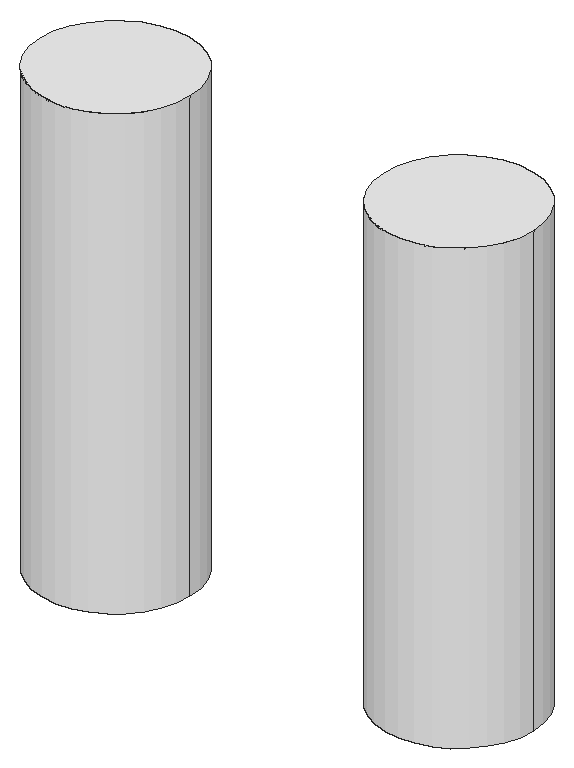
Revit family "51422293", category Plumbing Fixtures, Revit 2020
Family settings
  Round Connector Dimension = Use Diameter
  Part Type = Normal
  OmniClass Number = 23.45.55.00
  OmniClass Title = Sanitary Faucets, Wastes
  Work Plane-Based = No
  Always vertical = Yes
  Cut with Voids When Loaded = No
  Shared = No
  Room Calculation Point = No
Parameters (values of type "51422293 Washbasin faucet")
  Working Pressure = "50 - 1000 kPa"
  WarrantyStartDate [instance] = "n/a"
  WarrantyGuarantorParts = "n/a"
  WarrantyGuarantorLabor = "n/a"
  WarrantyDurationUnit = "Year"
  WarrantyDurationParts = "n/a"
  WarrantyDurationLabor = "n/a"
  WarrantyDescription = "http://warranty.hansa.com"
  Warranty Information URL = "http://warranty.hansa.com"
  VersionDate = "01/06/2023"
  Version = "1"
  ValvePattern = "n/a"
  ValveOperation = "n/a"
  ValveMechanism = "n/a"
  Uniclass2015Reference = "Pr_40_20_87_96"
  Uniclass2015Description = "Washbasin manual water supply sets"
  Uniclass2 = "Pr_40_30_96_96"
  URL UWL = "http://static.hansa.com/UWL/51422293"
  URL REACH = "http://static.hansa.com/doc/reach"
  URL KIWA = "http://static.hansa.com/Kiwa/51422293"
  URL EcoLabel Declaration = "http://static.hansa.com/doc/EcoLabel"
  URL EU Packaging Declaration = "http://static.hansa.com/doc/packaging"
  URL Declaration of SCIP = "http://static.hansa.com/doc/SCIP"
  URL Declaration of Conformity = "http://static.hansa.com/DoC/51422293"
  URL Declaration of Asbestos = "http://static.hansa.com/doc/asbestos"
  URL Declaration Of Performance (DOP) = "http://static.hansa.com/doc/DoP"
  URL DVGW = "http://static.hansa.com/DVGW/51422293"
  URL ABP = "http://static.hansa.com/ABP/51422293"
  URL = ""
  UNSPSC Class Number = "30181700 Faucets or taps"
  TestPressure = "n/a"
  Temperature Adjustments = "Limitation option for maximum temperature and flow-rate ;Adjustable hot water stop (included, retrofittable)"
  Temperature = "Temperature limiter;Temperature limiter (retrofittable)"
  Technical DataSheet URL = "http://www.hansa.com/datasheet/51422293/en"
  TagNumber [instance] = "n/a"
  SustainabilityPerformance = "n/a"
  Surface treatment = "Chrome"
  Spout Type = "Fixed spout"
  Spout Projection = "103 mm"
  Spare-Part Information URL = "http://static.hansa.com/sp/51422293"
  Size = "48.5x137x136 mm"
  Shape = "Sculptured"
  SerialNumber [instance] = "n/a"
  Sales Package dimensions (LxWxH) = "540 x 146 x 59"
  Revision = "n/a"
  ReplacementCost = "n/a"
  ProductInformation = "n/a"
  Product URL = "http://static.hansa.com/51422293"
  Product Image URL = "http://static.hansa.com/image/51422293"
  Product Family = "HANSAPOLO "
  Product Code = "51422293"
  OperatingMechanismMaterial = "n/a"
  NominalWidth = 48.5 mm
  NominalHeight = 137 mm
  NominalDepth = 137 mm
  Noise Class = "I (ISO3822)"
  Name_en = "51422293 Washbasin faucet"
  Name = "51422293 Washbasin faucet"
  NBSReference = "45-35-70/371"
  NBSDescription = "Water supply fittings for wash basins and troughs"
  Mounting Holes = "1 hole"
  ModelReference = "51422293"
  ModelNumber = "n/a"
  Model = "51422293 Washbasin faucet"
  Mobile Product Information URL = "http://mpi.hansa.com/51422293"
  Mechanical Parts = "ø 35 mm ceramic cartridge for flow and temperature control"
  Max. Hot Water Supply = 70 °C
  Material = "Brass"
  Market = "Austria;Belgium;Czech Republic;Germany;Spain;France;International;Italy;Netherlands;Slovakia"
  ManufacturerURL = "http://www.hansa.com"
  ManufacturerName = "HANSA"
  Manufacturer = "HANSA"
  Lever Handle = "Hot/Cold symbols;Single operating lever/handle"
  Interactive AR View URL = "https://static.hansa.com/AR/51422293"
  InstallationDate [instance] = "n/a"
  Installation and Maintenance Guide URL = "http://static.hansa.com/manual/51422293"
  Installation Type = "Deck mounted"
  InletConnectionSize = 10 mm
  IfcExportType = "FAUCET"  # constant formula
  IfcExportAs = "IfcValveType"  # constant formula
  Group = "Washbasin faucet"
  Grade = "n/a"
  FlowCoefficient = 0
  Flow Rate At 300kPa With Flow Controller = 0.1 L/s
  Flow Drawing URL = "http://static.hansa.com/flowchart/51422293"
  Finish = "Polished"
  Features = "Single-lever"
  FaucetMainMaterial = Brass
  FDV Document URL = "http://www.hansa.com/datasheet/51422293/en/fdv"
  ExpectedLife = "n/a"
  Excluded Items = "Without pop-up waste;Without draw-rod opening"
  ETIM Class Number = "EC011328 Washbasin mixing tap"
  EN Standard = "EN 817"
  EAN Number = "4057304002755"
  DurationUnit = "Year"
  Dimension Drawing URL = "http://static.hansa.com/dimdrw/51422293"
  Description = ""
  DefaultElevation [instance] = 900 mm
  Default Elevation = 0 mm
  Constituents = "n/a"
  Connection Size = "G3/8"
  Connection = "Flexible inlet pipes"
  Color = "Chrome"
  CodePerformance = "n/a"
  CloseOffRating = 0
  Category = "Washbasin"
  Catalog Drawing URL = "http://static.hansa.com/catdrw/51422293"
  Brand = "HANSA"
  BodyMaterial = "Brass"
  Barcode [instance] = "n/a"
  Backflow Prevention EN1717 = "AA"
  BIMObjectName = "51422293"
  Author = "BIMStone"
  AssetType = "Fixed"
  AssetIdentifier [instance] = "n/a"
  Approval KIWA = "K6116/08"
  Approval DVGW = "NW-6506BP0361"
  Approval ABP = "P-IX 29493/IA"
  Ambience photo = "http://static.hansa.com/ambience/51422293"
  Aerator = "PCA® - constant flow rate regardless of pressure variations"
  Advanced Features = "Inner body made of DZR brass;Rapid installation system"
  AccessibilityPerformance = "n/a"
  3D View = "https://static.hansa.com/AR/51422293"
  2D/3D/BIM Files URL = "http://static.hansa.com/bim/51422293"
Reference planes
  plane 1 "Center (Front/Back)": y = 0
  plane 2: z = 0
  plane 3 "Center (Left/Right)": x = 0
  plane 4: x = -24.25
  plane 5: z = 1037
  plane 6: z = 900
  plane 7: z = 870
  plane 8: y = -137
  plane 9: x = 24.25
Forms (mm)
  Extrusion 1, solid, material "Brass" <- "FaucetMainMaterial"
    sketch origin (0, 0, 0) x (1, 0, 0) y (0, 1, 0)
      loop
        circle (-11.5, -22.5) r 5
      loop
        circle (11.5, -22.5) r 5
    from 870 to 900
  Extrusion 2, solid, material "Brass" <- "FaucetMainMaterial", detail levels medium
    sketch origin (0, 0, 0) x (0, 1, 0) y (0, 0, 1)
      loop
        line (-11.837, 1037) -> (-124.122, 1037) -> (-122.074, 1028.126) -> (-62.2, 1027.177)
        arc (-62.2, 1027.177) -> (-58.651, 1025.78) -> (-57.131, 1022.282) r 4.983
        line (-57.131, 1022.282) -> (-56.683, 996.618) -> (-137, 989.601) -> (-137, 987.69) -> (-131.699, 983.242) -> (-135.856, 977.305) -> (-116.182, 963.529) -> (-114.062, 966.556) -> (-77.551, 967.193)
        arc (-77.551, 967.193) -> (-59.309, 959.809) -> (-50.685, 942.118) r 27.474
        line (-50.685, 942.118) -> (-47, 900) -> (0, 900) -> (-11.837, 1037)
    from -24.25 to 24.25
  Extrusion 3, solid, material "Brass" <- "FaucetMainMaterial", detail levels coarse
    sketch origin (0, 0, 0) x (1, 0, 0) y (0, 1, 0)
      loop
        line (-24.25, 0) -> (-24.25, -137) -> (24.25, -137) -> (24.25, 0) -> (-24.25, 0)
    from 900 to 1037
Lines and regions (mm)
  symbolic lines, detail levels medium+fine
    curve 1: line (0, 0, 900) -> (-23.5, 0, 900)
    curve 2: line (-23.5, 0, 900) -> (-23.5, 0, 998.12)
    curve 3: spline (-24.25, 0, 1002.285) -> (-24.238, 0, 1002.205) -> (-24.201, 0, 1002.125) -> (-24.14, 0, 1002.045) -> (-24.055, 0, 1001.966) -> (-23.945, 0, 1001.886) -> (-23.812, 0, 1001.808) -> (-23.654, 0, 1001.729) -> (-23.472, 0, 1001.651) -> (-23.267, 0, 1001.574) -> (-23.039, 0, 1001.498) -> (-22.787, 0, 1001.422) -> (-22.512, 0, 1001.347)
    curve 4: arc (-24.25, 0, 1002.285) -> (-23.247, 0, 1017.942) -> (-21.807, 0, 1033.565) r 561.53
    curve 5: line (-20.482, 0, 1035.174) -> (-14.32, 0, 1036.261)
    curve 6: arc (-14.32, 0, 1036.261) -> (-9.879, 0, 1036.835) -> (-5.404, 0, 1037) r 48.793
    curve 7: line (-5.404, 0, 1037) -> (0, 0, 1037)
    curve 9: line (0, 0, 900) -> (23.5, 0, 900)
    curve 10: line (23.5, 0, 900) -> (23.5, 0, 998.12)
    curve 11: spline (24.25, 0, 1002.285) -> (24.238, 0, 1002.205) -> (24.201, 0, 1002.125) -> (24.14, 0, 1002.045) -> (24.055, 0, 1001.966) -> (23.945, 0, 1001.886) -> (23.812, 0, 1001.808) -> (23.654, 0, 1001.729) -> (23.472, 0, 1001.651) -> (23.267, 0, 1001.574) -> (23.039, 0, 1001.498) -> (22.787, 0, 1001.422) -> (22.512, 0, 1001.347)
    curve 12: arc (24.25, 0, 1002.285) -> (23.247, 0, 1017.942) -> (21.807, 0, 1033.565) r 561.53
    curve 13: line (20.482, 0, 1035.174) -> (14.32, 0, 1036.261)
    curve 14: arc (14.32, 0, 1036.261) -> (9.879, 0, 1036.835) -> (5.404, 0, 1037) r 48.793
    curve 15: line (5.404, 0, 1037) -> (0, 0, 1037)
    curve 16: line (-22.633, 0, 998.988) -> (-22.512, 0, 1001.347)
    curve 17: line (22.633, 0, 998.988) -> (22.512, 0, 1001.347)
    curve 18: arc (-22.633, 0, 998.988) -> (-23.246, 0, 998.734) -> (-23.5, 0, 998.12) r 0.867
    curve 19: arc (22.633, 0, 998.988) -> (23.246, 0, 998.734) -> (23.5, 0, 998.12) r 0.867
    curve 20: arc (-20.482, 0, 1035.174) -> (-21.441, 0, 1034.614) -> (-21.807, 0, 1033.565) r 1.605
    curve 21: arc (20.482, 0, 1035.174) -> (21.441, 0, 1034.614) -> (21.807, 0, 1033.565) r 1.605
    curve 59: line (0, 0, 900) -> (0, -47, 900)
    curve 60: line (0, -47, 900) -> (0, -50.685, 942.118)
    curve 61: arc (0, -50.685, 942.118) -> (0, -59.309, 959.809) -> (0, -77.551, 967.193) r 27.474
    curve 62: line (0, -77.551, 967.193) -> (0, -109.985, 966.627)
    curve 63: arc (0, -109.985, 966.627) -> (0, -111.706, 966.9) -> (0, -113.23, 967.744) r 5.017
    curve 65: line (0, -136.087, 989.68) -> (0, -56.683, 996.618)
    curve 66: line (0, -56.683, 996.618) -> (0, -57.131, 1022.282)
    curve 67: arc (0, -57.131, 1022.282) -> (0, -58.651, 1025.78) -> (0, -62.2, 1027.177) r 4.983
    curve 68: line (0, -62.2, 1027.177) -> (0, -118.76, 1028.074)
    curve 69: arc (0, -118.76, 1028.074) -> (0, -121.312, 1028.98) -> (0, -122.794, 1031.248) r 4.237
    curve 70: line (0, -122.794, 1031.248) -> (0, -123.357, 1033.686)
    curve 71: arc (0, -123.357, 1033.686) -> (0, -123.101, 1034.795) -> (0, -122.07, 1035.277) r 1.299
    curve 72: line (0, -122.07, 1035.277) -> (0, -83.546, 1036.623)
    curve 73: arc (0, -83.546, 1036.623) -> (0, -75.229, 1036.862) -> (0, -66.91, 1037) r 680.589
    curve 74: arc (0, -66.91, 1037) -> (0, -40.52, 1036.693) -> (0, -14.169, 1035.22) r 597.328
    curve 75: arc (0, -14.169, 1035.22) -> (0, -13.191, 1034.767) -> (0, -12.746, 1033.786) r 1.547
    curve 76: line (0, -12.746, 1033.786) -> (0, -9.744, 1014.834)
    curve 77: line (0, -9.744, 1014.834) -> (0, -15.314, 1011.619)
    curve 78: arc (0, -15.314, 1011.619) -> (0, -12.568, 1006.368) -> (0, -11.235, 1000.594) r 23.302
    curve 79: arc (0, -137, 988.684) -> (0, -136.737, 989.36) -> (0, -136.087, 989.68) r 1
    curve 80: arc (0, -137, 988.156) -> (0, -136.906, 987.733) -> (0, -136.643, 987.39) r 1
    curve 81: line (0, -137, 988.684) -> (0, -137, 988.156)
    curve 82: line (0, -116.182, 963.529) -> (0, -135.856, 977.305)
    curve 83: line (0, -131.699, 983.242) -> (0, -135.856, 977.305)
    curve 84: line (0, -113.23, 967.744) -> (0, -116.182, 963.529)
    curve 85: line (0, -131.699, 983.242) -> (0, -136.643, 987.39)
    curve 89: line (0, -11.235, 1000.594) -> (0, -8.819, 1000.805)
    curve 91: line (0, -137, 0) -> (-6.831, -137, 0)
    curve 92: arc (-6.831, -137, 0) -> (-9.954, -136.71, 0) -> (-12.97, -135.849, 0) r 16.95
    curve 93: arc (-12.97, -135.849, 0) -> (-13.9, -135.32, 0) -> (-14.637, -134.545, 0) r 3.659
    curve 94: arc (-14.637, -134.545, 0) -> (-15.74, -132.603, 0) -> (-16.449, -130.485, 0) r 11.565
    curve 95: line (-16.449, -130.485, 0) -> (-22.722, -40.776, 0)
    curve 96: line (0, -137, 0) -> (6.831, -137, 0)
    curve 97: arc (6.831, -137, 0) -> (9.954, -136.71, 0) -> (12.97, -135.849, 0) r 16.95
    curve 98: arc (12.97, -135.849, 0) -> (13.9, -135.32, 0) -> (14.637, -134.545, 0) r 3.659
    curve 99: arc (14.637, -134.545, 0) -> (15.74, -132.603, 0) -> (16.449, -130.485, 0) r 11.565
    curve 100: line (16.449, -130.485, 0) -> (22.722, -40.776, 0)
    curve 102: spline (23.357, -26.09, 0) -> (23.666, -27.298, 0) -> (23.911, -28.52, 0) -> (24.09, -29.752, 0) -> (24.203, -30.993, 0) -> (24.249, -32.237, 0) -> (24.228, -33.482, 0) -> (24.141, -34.725, 0) -> (23.988, -35.961, 0) -> (23.769, -37.187, 0) -> (23.484, -38.401, 0) -> (23.135, -39.598, 0) -> (22.722, -40.776, 0)
    curve 103: arc (23.357, -26.09, 0) -> (0, 0, 0) -> (-23.357, -26.09, 0) r 23.5
    curve 112: spline (-22.722, -40.776, 0) -> (-23.135, -39.598, 0) -> (-23.484, -38.401, 0) -> (-23.769, -37.187, 0) -> (-23.988, -35.961, 0) -> (-24.141, -34.725, 0) -> (-24.228, -33.482, 0) -> (-24.249, -32.237, 0) -> (-24.203, -30.993, 0) -> (-24.09, -29.752, 0) -> (-23.911, -28.52, 0) -> (-23.666, -27.298, 0) -> (-23.357, -26.09, 0)
    curve 117: line (0, 0, 900) -> (0, -8.819, 1000.805)
  symbolic lines, detail levels fine
    curve 8: spline (-22.512, 0, 1001.347) -> (-19.863, 0, 1000.838) -> (-16.168, 0, 1000.405) -> (-11.62, 0, 1000.071) -> (-6.46, 0, 999.854) -> (-0.96, 0, 999.765) -> (4.591, 0, 999.808) -> (9.899, 0, 999.982) -> (14.687, 0, 1000.278) -> (18.7, 0, 1000.679) -> (21.728, 0, 1001.165) -> (23.611, 0, 1001.71) -> (24.25, 0, 1002.285)
    curve 22: line (-15.899, 0, 1034.548) -> (-15.72, 0, 1031.125)
    curve 23: arc (-15.72, 0, 1031.125) -> (-14.393, 0, 1028.344) -> (-11.489, 0, 1027.315) r 4.026
    curve 24: line (-11.489, 0, 1027.315) -> (0, 0, 1027.315)
    curve 25: arc (-14.32, 0, 1036.261) -> (-15.47, 0, 1035.737) -> (-15.899, 0, 1034.548) r 1.629
    curve 26: line (15.899, 0, 1034.548) -> (15.72, 0, 1031.125)
    curve 27: arc (15.72, 0, 1031.125) -> (14.393, 0, 1028.344) -> (11.489, 0, 1027.315) r 4.026
    curve 28: line (11.489, 0, 1027.315) -> (0, 0, 1027.315)
    curve 29: arc (14.32, 0, 1036.261) -> (15.47, 0, 1035.737) -> (15.899, 0, 1034.548) r 1.629
    curve 30: spline (-22.633, 0, 998.988) -> (-21.861, 0, 998.451) -> (-19.6, 0, 997.951) -> (-16.004, 0, 997.522) -> (-11.316, 0, 997.193) -> (-5.858, 0, 996.986) -> (0, 0, 996.915) -> (5.858, 0, 996.986) -> (11.316, 0, 997.193) -> (16.004, 0, 997.522) -> (19.6, 0, 997.951) -> (21.861, 0, 998.451) -> (22.633, 0, 998.988)
    curve 31: spline (10.74, 0, 970.347) -> (10.374, 0, 971.955) -> (9.301, 0, 973.453) -> (7.594, 0, 974.74) -> (5.37, 0, 975.728) -> (2.78, 0, 976.349) -> (0, 0, 976.56) -> (-2.78, 0, 976.349) -> (-5.37, 0, 975.728) -> (-7.594, 0, 974.74) -> (-9.301, 0, 973.453) -> (-10.374, 0, 971.955) -> (-10.74, 0, 970.347) -> (-10.374, 0, 968.738) -> (-9.301, 0, 967.24) -> (-7.594, 0, 965.953) -> (-5.37, 0, 964.965) -> (-2.78, 0, 964.345) -> (0, 0, 964.133) -> (2.78, 0, 964.345) -> (5.37, 0, 964.965) -> (7.594, 0, 965.953) -> (9.301, 0, 967.24) -> (10.374, 0, 968.738) -> (10.74, 0, 970.347)
    curve 32: line (-10.74, 0, 970.347) -> (-10.74, 0, 977.121)
    curve 33: line (10.74, 0, 970.347) -> (10.74, 0, 977.121)
    curve 34: spline (-10.74, 0, 970.633) -> (-11.115, 0, 971.144) -> (-11.425, 0, 971.671) -> (-11.668, 0, 972.211) -> (-11.842, 0, 972.761) -> (-11.948, 0, 973.317) -> (-11.983, 0, 973.877) -> (-11.948, 0, 974.437) -> (-11.842, 0, 974.993) -> (-11.668, 0, 975.543) -> (-11.425, 0, 976.083) -> (-11.115, 0, 976.61) -> (-10.74, 0, 977.121)
    curve 35: line (-11.983, 0, 973.877) -> (-11.983, 0, 976.203)
    curve 36: line (11.983, 0, 973.877) -> (11.983, 0, 976.203)
    curve 37: spline (-11.983, 0, 976.203) -> (-11.574, 0, 978.096) -> (-10.377, 0, 979.86) -> (-8.473, 0, 981.375) -> (-5.991, 0, 982.538) -> (-3.101, 0, 983.269) -> (0, 0, 983.518) -> (3.101, 0, 983.269) -> (5.991, 0, 982.538) -> (8.473, 0, 981.375) -> (10.377, 0, 979.86) -> (11.574, 0, 978.096) -> (11.983, 0, 976.203)
    curve 38: spline (-10.74, 0, 977.121) -> (-9.578, 0, 978.273) -> (-8.088, 0, 979.275) -> (-6.321, 0, 980.092) -> (-4.338, 0, 980.696) -> (-2.207, 0, 981.067) -> (0, 0, 981.192) -> (2.207, 0, 981.067) -> (4.338, 0, 980.696) -> (6.321, 0, 980.092) -> (8.088, 0, 979.275) -> (9.578, 0, 978.273) -> (10.74, 0, 977.121)
    curve 39: spline (10.74, 0, 977.121) -> (11.115, 0, 976.61) -> (11.425, 0, 976.083) -> (11.668, 0, 975.543) -> (11.842, 0, 974.993) -> (11.948, 0, 974.437) -> (11.983, 0, 973.877) -> (11.948, 0, 973.317) -> (11.842, 0, 972.761) -> (11.668, 0, 972.211) -> (11.425, 0, 971.671) -> (11.115, 0, 971.144) -> (10.74, 0, 970.633)
    curve 40: line (-23.5, 0, 998.12) -> (-17.681, 0, 988.808)
    curve 41: line (-17.681, 0, 988.808) -> (-16.86, 0, 987.494)
    curve 42: arc (-16.86, 0, 987.494) -> (-15.964, 0, 986.671) -> (-14.772, 0, 986.423) r 2.289
    curve 43: line (-3.71, 0, 987.138) -> (-14.772, 0, 986.423)
    curve 44: arc (-3.71, 0, 987.138) -> (-1.858, 0, 987.301) -> (0, 0, 987.355) r 31.816
    curve 45: line (23.5, 0, 998.12) -> (16.86, 0, 987.494)
    curve 46: arc (16.86, 0, 987.494) -> (15.963, 0, 986.67) -> (14.77, 0, 986.422) r 2.29
    curve 47: line (3.71, 0, 987.138) -> (14.77, 0, 986.422)
    curve 48: arc (3.71, 0, 987.138) -> (1.858, 0, 987.301) -> (0, 0, 987.355) r 31.816
    curve 49: line (-23.5, 0, 988.518) -> (-18.651, 0, 977.627)
    curve 50: arc (-18.651, 0, 977.627) -> (-15.357, 0, 972.753) -> (-10.589, 0, 969.307) r 16.858
    curve 51: line (23.5, 0, 988.518) -> (18.651, 0, 977.627)
    curve 52: arc (18.651, 0, 977.627) -> (15.357, 0, 972.753) -> (10.589, 0, 969.307) r 16.858
    curve 53: line (-17.103, 0, 984.092) -> (-17.368, 0, 980.229)
    curve 54: arc (-17.368, 0, 980.229) -> (-16.589, 0, 975.346) -> (-13.751, 0, 971.296) r 11.008
    curve 55: arc (-14.772, 0, 986.423) -> (-16.42, 0, 985.741) -> (-17.103, 0, 984.092) r 2.331
    curve 56: line (17.103, 0, 984.092) -> (17.368, 0, 980.229)
    curve 57: arc (17.368, 0, 980.229) -> (16.589, 0, 975.346) -> (13.751, 0, 971.296) r 11.008
    curve 58: arc (14.772, 0, 986.423) -> (16.42, 0, 985.741) -> (17.103, 0, 984.092) r 2.331
    curve 64: line (0, -113.23, 967.744) -> (0, -131.699, 983.242)
    curve 86: line (0, -15.314, 1011.619) -> (0, -31.179, 1002.459)
    curve 87: line (0, -56.746, 1000.222) -> (0, -31.179, 1002.459)
    curve 88: line (0, -56.683, 996.618) -> (0, -11.235, 1000.594)
    curve 90: spline (-16.871, -49.542, 0) -> (-17.505, -48.918, 0) -> (-18.114, -48.272, 0) -> (-18.699, -47.604, 0) -> (-19.258, -46.915, 0) -> (-19.791, -46.206, 0) -> (-20.296, -45.479, 0) -> (-20.774, -44.734, 0) -> (-21.223, -43.971, 0) -> (-21.643, -43.194, 0) -> (-22.033, -42.401, 0) -> (-22.393, -41.595, 0) -> (-22.722, -40.776, 0)
    curve 101: spline (-23.357, -26.09, 0) -> (-21.412, -21.325, 0) -> (-18.468, -17.081, 0) -> (-14.662, -13.556, 0) -> (-10.172, -10.913, 0) -> (-5.207, -9.276, 0) -> (0, -8.722, 0) -> (5.207, -9.276, 0) -> (10.172, -10.913, 0) -> (14.662, -13.556, 0) -> (18.468, -17.081, 0) -> (21.412, -21.325, 0) -> (23.357, -26.09, 0)
    curve 104: line (0, -123.45, 0) -> (-5, -123.45, 0)
    curve 105: arc (-5, -123.45, 0) -> (-8.178, -122.739, 0) -> (-10.749, -120.742, 0) r 7.456
    curve 106: arc (-10.749, -120.742, 0) -> (-11.709, -119.136, 0) -> (-12.144, -117.316, 0) r 6.19
    curve 107: line (-12.144, -117.316, 0) -> (-15.964, -54.466, 0)
    curve 108: line (0, -123.45, 0) -> (5, -123.45, 0)
    curve 109: arc (5, -123.45, 0) -> (8.178, -122.739, 0) -> (10.749, -120.742, 0) r 7.456
    curve 110: arc (10.749, -120.742, 0) -> (11.709, -119.136, 0) -> (12.144, -117.316, 0) r 6.19
    curve 111: line (12.144, -117.316, 0) -> (15.964, -54.466, 0)
    curve 113: spline (22.722, -40.776, 0) -> (22.393, -41.595, 0) -> (22.033, -42.401, 0) -> (21.643, -43.194, 0) -> (21.223, -43.971, 0) -> (20.774, -44.734, 0) -> (20.296, -45.479, 0) -> (19.791, -46.206, 0) -> (19.258, -46.915, 0) -> (18.699, -47.604, 0) -> (18.114, -48.272, 0) -> (17.505, -48.918, 0) -> (16.871, -49.542, 0)
    curve 114: spline (18.875, -45.082, 0) -> (21.467, -38.062, 0) -> (21.469, -30.592, 0) -> (18.881, -23.572, 0) -> (14.014, -17.848, 0) -> (7.457, -14.112, 0) -> (0, -12.815, 0) -> (-7.457, -14.112, 0) -> (-14.014, -17.848, 0) -> (-18.881, -23.572, 0) -> (-21.469, -30.592, 0) -> (-21.467, -38.062, 0) -> (-18.875, -45.082, 0)
    curve 115: arc (-15.964, -54.466, 0) -> (-16.854, -49.598, 0) -> (-18.875, -45.082, 0) r 20.664
    curve 116: arc (15.964, -54.466, 0) -> (16.854, -49.598, 0) -> (18.875, -45.082, 0) r 20.664
Dimensions and locks
  "NominalHeight": plane 5 to plane 6
  "DefaultElevation": plane 6 to level
  locked: plane 6 to plane 7 at 30
  "NominalDepth": plane 8 to plane 1 "Center (Front/Back)"
  equal spacing: plane 4, plane 3 "Center (Left/Right)", plane 9
  "NominalWidth": plane 4 to plane 9
  "InletConnectionSize": diameter of Extrusion 1 sketch curve  (x2)
  aligned and locked: level to plane 2
  aligned and locked: plane 6 to Extrusion 1
  aligned and locked: Extrusion 1 to plane 7
  aligned and locked: Extrusion 3 to plane 6
  aligned and locked: plane 5 to Extrusion 3
  aligned and locked: plane 6 to import instance
Automatic sketch dimensions
  curve 101 to plane 4 = 0 mm
  curve 90 to plane 4 = 0 mm
  curve 112 to plane 4 = 0 mm
  curve 113 to plane 4 = 0 mm
  curve 102 to plane 4 = 0 mm
  plane 8 to curve 92 = 0 mm
  curve 96 to plane 3 "Center (Left/Right)" = 0 mm
  curve 90 to plane 3 "Center (Left/Right)" = 0 mm
  curve 101 to plane 3 "Center (Left/Right)" = 0 mm
  curve 102 to plane 3 "Center (Left/Right)" = 0 mm
  curve 113 to plane 3 "Center (Left/Right)" = 0 mm
  curve 108 to plane 3 "Center (Left/Right)" = 0 mm
  curve 103 to plane 3 "Center (Left/Right)" = 0 mm
  curve 114 to plane 3 "Center (Left/Right)" = 0 mm
  curve 112 to plane 3 "Center (Left/Right)" = 0 mm
  curve 115 to plane 4 = 12.34 mm
  plane 4 to curve 95 = 1.528 mm
  plane 4 to curve 95 = 7.801 mm
  plane 4 to curve 107 = 8.286 mm
  plane 4 to curve 107 = 12.106 mm
  curve 95 to curve 93 = 4.805 mm
  curve 106 to curve 92 = 5.313 mm
  curve 92 to curve 106 = 0.855 mm
  curve 94 to plane 3 "Center (Left/Right)" = 5.179 mm
  curve 92 to curve 104 = 1.831 mm
  plane 3 "Center (Left/Right)" to curve 108 = 5 mm
  curve 108 to curve 99 = 0.179 mm
  curve 109 to curve 110 = 0.976 mm
  curve 110 to curve 97 = 0.855 mm
  curve 98 to plane 8 = 4.562 mm
  curve 97 to curve 98 = 4.813 mm
  curve 97 to curve 111 = 5.313 mm
  plane 9 to curve 111 = 8.286 mm
  curve 98 to curve 100 = 4.805 mm
  plane 9 to curve 100 = 1.528 mm
  curve 116 to plane 9 = 12.34 mm
  curve 93 to plane 8 = 4.562 mm
  curve 93 to curve 95 = 1.953 mm
  curve 98 to curve 100 = 1.953 mm
  curve 98 to curve 99 = 4.55 mm
  curve 93 to curve 94 = 4.55 mm
  curve 94 to curve 104 = 4.438 mm
  curve 109 to curve 97 = 3.4 mm
  curve 105 to curve 92 = 3.4 mm
  curve 92 to curve 107 = 2.733 mm
  curve 97 to curve 111 = 2.733 mm
  curve 97 to curve 110 = 3.25 mm
  curve 92 to curve 106 = 3.25 mm
  curve 106 to curve 105 = 0.806 mm
  curve 110 to curve 109 = 0.806 mm
  plane 1 "Center (Front/Back)" to curve 115 = 55.719 mm
  curve 116 to curve 111 = 1.254 mm
  curve 115 to curve 107 = 1.254 mm
  curve 115 to curve 95 = 13.69 mm
  curve 111 to curve 100 = 13.69 mm
  plane 1 "Center (Front/Back)" to curve 103 = 23.5 mm
  plane 4 to curve 103 = 0.893 mm
  plane 4 to curve 115 = 5.375 mm
  curve 115 to curve 90 = 2.004 mm
  curve 93 to curve 94 = 0 mm
  curve 98 to curve 97 = 0 mm
  curve 113 to curve 114 = 2.004 mm
  plane 9 to curve 114 = 2.451 mm
  curve 113 to curve 114 = 4.46 mm
  curve 114 to curve 90 = 1.844 mm
  curve 101 to curve 90 = 0 mm
  curve 112 to curve 113 = 0 mm
  Extrusion 3 sketch curve to plane 4 = 0 mm
  plane 8 to Extrusion 3 sketch curve = 0 mm
  Extrusion 3 sketch curve to plane 9 = 0 mm
  Extrusion 3 sketch curve to plane 1 "Center (Front/Back)" = 0 mm
  Extrusion 2 sketch curve to plane 8 = 0 mm
  Extrusion 2 sketch curve to plane 6 = 0 mm
  Extrusion 2 sketch curve to plane 5 = 0 mm
  Extrusion 2 sketch curve to plane 1 "Center (Front/Back)" = 0 mm
  Extrusion 2 sketch curve to plane 8 = 1.144 mm
  Extrusion 2 sketch curve to plane 8 = 5.301 mm
  Extrusion 2 sketch curve to plane 8 = 12.878 mm
  Extrusion 2 sketch curve to Extrusion 2 sketch curve = 2.049 mm
  Extrusion 2 sketch curve to plane 8 = 20.818 mm
  Extrusion 2 sketch curve to Extrusion 2 sketch curve = 2.12 mm
  Extrusion 2 sketch curve to Extrusion 2 sketch curve = 36.007 mm
  Extrusion 2 sketch curve to Extrusion 2 sketch curve = 0.503 mm
  Extrusion 2 sketch curve to plane 5 = 9.823 mm
  Extrusion 2 sketch curve to Extrusion 2 sketch curve = 59.874 mm
  Extrusion 2 sketch curve to Extrusion 2 sketch curve = 0.087 mm
  Extrusion 2 sketch curve to plane 5 = 14.718 mm
  Extrusion 2 sketch curve to Extrusion 2 sketch curve = 4.982 mm
  Extrusion 2 sketch curve to Extrusion 2 sketch curve = 0.448 mm
  Extrusion 2 sketch curve to Extrusion 2 sketch curve = 27.37 mm
  Extrusion 2 sketch curve to Extrusion 2 sketch curve = 3.685 mm
  plane 6 to Extrusion 2 sketch curve = 39.723 mm
  Extrusion 2 sketch curve to Extrusion 2 sketch curve = 2.395 mm
  Extrusion 2 sketch curve to Extrusion 2 sketch curve = 3.664 mm
  Extrusion 2 sketch curve to Extrusion 2 sketch curve = 3.027 mm
  Extrusion 2 sketch curve to Extrusion 2 sketch curve = 4.448 mm
  Extrusion 2 sketch curve to Extrusion 2 sketch curve = 1.911 mm
  Extrusion 2 sketch curve to Extrusion 2 sketch curve = 25.664 mm
  Extrusion 2 sketch curve to plane 5 = 8.874 mm
  plane 1 "Center (Front/Back)" to Extrusion 2 sketch curve = 11.837 mm
  curve 81 to plane 8 = 0 mm
  curve 73 to plane 5 = 0 mm
  curve 74 to plane 5 = 0 mm
  curve 59 to plane 6 = 0 mm
  curve 59 to plane 1 "Center (Front/Back)" = 0 mm
  curve 85 to plane 8 = 0.357 mm
  curve 80 to plane 8 = 1 mm
  curve 79 to curve 80 = 0 mm
  curve 82 to plane 8 = 1.144 mm
  curve 64 to plane 8 = 5.301 mm
  curve 70 to plane 5 = 3.314 mm
  curve 70 to plane 8 = 13.643 mm
  curve 70 to plane 5 = 5.752 mm
  curve 70 to curve 70 = 0.563 mm
  curve 70 to curve 71 = 1.266 mm
  curve 72 to plane 5 = 1.723 mm
  curve 71 to curve 72 = 0.021 mm
  curve 68 to plane 5 = 8.926 mm
  curve 70 to curve 68 = 4.035 mm
  curve 71 to curve 69 = 3.399 mm
  curve 82 to plane 8 = 20.818 mm
  curve 82 to curve 84 = 2.952 mm
  curve 63 to curve 63 = 3.157 mm
  curve 64 to curve 62 = 3.245 mm
  curve 72 to plane 5 = 0.377 mm
  curve 69 to curve 72 = 35.147 mm
  curve 62 to curve 61 = 31.931 mm
  curve 61 to curve 62 = 0.503 mm
  curve 68 to plane 5 = 9.823 mm
  curve 72 to curve 68 = 21.346 mm
  curve 68 to curve 67 = 0.087 mm
  plane 1 "Center (Front/Back)" to curve 74 = 60.664 mm
  plane 1 "Center (Front/Back)" to curve 73 = 59.793 mm
  curve 66 to plane 5 = 14.718 mm
  curve 67 to curve 66 = 4.982 mm
  curve 66 to curve 66 = 0.448 mm
  curve 61 to curve 60 = 27.37 mm
  curve 60 to curve 59 = 3.685 mm
  curve 65 to curve 78 = 22.261 mm
  curve 78 to curve 86 = 3.242 mm
  plane 1 "Center (Front/Back)" to curve 77 = 15.314 mm
  curve 75 to plane 5 = 3.322 mm
  plane 1 "Center (Front/Back)" to curve 75 = 14.289 mm
  curve 76 to plane 5 = 3.214 mm
  curve 75 to curve 76 = 1.543 mm
  plane 1 "Center (Front/Back)" to curve 89 = 11.235 mm
  curve 78 to curve 76 = 5.569 mm
  level to curve 74 = 439.705 mm
  plane 6 to curve 61 = 39.723 mm
  curve 61 to curve 60 = 2.395 mm
  curve 82 to curve 61 = 3.664 mm
  curve 82 to curve 62 = 3.098 mm
  curve 63 to curve 84 = 1.117 mm
  curve 64 to curve 85 = 4.148 mm
  curve 80 to curve 79 = 0.528 mm
  curve 65 to curve 78 = 1.664 mm
  curve 78 to curve 89 = 2.312 mm
  curve 78 to curve 87 = 4.177 mm
  curve 78 to curve 76 = 3.215 mm
  curve 79 to plane 8 = 0.913 mm
  curve 65 to curve 79 = 0 mm
  curve 87 to plane 5 = 36.778 mm
  curve 88 to curve 117 = 2.415 mm
  curve 88 to curve 89 = 0.211 mm
  curve 3 to plane 4 = 0 mm
  curve 8 to plane 4 = 0 mm
  curve 2 to plane 6 = 0 mm
  curve 7 to plane 5 = 0 mm
  curve 48 to plane 3 "Center (Left/Right)" = 0 mm
  curve 39 to plane 3 "Center (Left/Right)" = 0 mm
  curve 11 to plane 3 "Center (Left/Right)" = 0 mm
  curve 38 to plane 3 "Center (Left/Right)" = 0 mm
  curve 9 to plane 3 "Center (Left/Right)" = 0 mm
  curve 37 to plane 3 "Center (Left/Right)" = 0 mm
  curve 8 to plane 3 "Center (Left/Right)" = 0 mm
  curve 30 to plane 3 "Center (Left/Right)" = 0 mm
  curve 7 to plane 3 "Center (Left/Right)" = 0 mm
  curve 24 to plane 3 "Center (Left/Right)" = 0 mm
  curve 31 to plane 3 "Center (Left/Right)" = 0 mm
  curve 3 to plane 3 "Center (Left/Right)" = 0 mm
  curve 34 to plane 3 "Center (Left/Right)" = 0 mm
  curve 12 to plane 5 = 62.774 mm
  curve 12 to plane 4 = 512.328 mm
  plane 4 to curve 2 = 0.75 mm
  curve 18 to curve 18 = 0.867 mm
  plane 4 to curve 16 = 1.738 mm
  curve 5 to plane 5 = 1.826 mm
  plane 4 to curve 5 = 3.768 mm
  curve 5 to curve 20 = 0.279 mm
  plane 4 to curve 49 = 5.599 mm
  curve 49 to curve 41 = 5.819 mm
  curve 50 to curve 53 = 1.283 mm
  curve 53 to curve 53 = 0.265 mm
  curve 40 to curve 41 = 0.821 mm
  curve 22 to plane 5 = 2.452 mm
  curve 20 to curve 22 = 4.304 mm
  curve 25 to curve 22 = 0.179 mm
  curve 42 to curve 42 = 1.941 mm
  curve 42 to curve 43 = 0.147 mm
  curve 25 to curve 5 = 1.579 mm
  curve 5 to curve 25 = 0.047 mm
  curve 53 to curve 35 = 5.385 mm
  curve 23 to curve 23 = 4.02 mm
  curve 23 to curve 24 = 0.211 mm
  curve 35 to curve 32 = 1.243 mm
  curve 34 to curve 54 = 4.354 mm
  curve 6 to plane 3 "Center (Left/Right)" = 5.848 mm
  curve 7 to plane 3 "Center (Left/Right)" = 5.404 mm
  curve 6 to curve 43 = 2.138 mm
  curve 44 to curve 50 = 0.46 mm
  plane 3 "Center (Left/Right)" to curve 15 = 5.404 mm
  curve 47 to curve 14 = 2.138 mm
  curve 57 to curve 33 = 4.354 mm
  curve 14 to curve 28 = 6.085 mm
  curve 27 to curve 27 = 0.211 mm
  curve 27 to curve 29 = 2.573 mm
  curve 13 to plane 5 = 0.739 mm
  curve 29 to curve 13 = 0.047 mm
  curve 14 to curve 47 = 8.922 mm
  curve 46 to curve 58 = 0.002 mm
  curve 58 to curve 46 = 0.146 mm
  curve 26 to plane 5 = 5.875 mm
  curve 29 to curve 26 = 1.447 mm
  curve 26 to plane 5 = 2.452 mm
  curve 29 to curve 26 = 1.626 mm
  curve 58 to curve 56 = 2.331 mm
  curve 56 to curve 56 = 0.265 mm
  curve 56 to curve 51 = 1.283 mm
  plane 9 to curve 21 = 4.047 mm
  curve 13 to plane 5 = 1.826 mm
  curve 21 to curve 13 = 0.279 mm
  plane 9 to curve 17 = 1.738 mm
  plane 9 to curve 9 = 0.75 mm
  curve 4 to plane 5 = 62.774 mm
  curve 4 to plane 9 = 512.328 mm
  curve 48 to curve 14 = 32.67 mm
  curve 36 to curve 14 = 12.006 mm
  curve 35 to curve 32 = 0.918 mm
  curve 37 to curve 51 = 1.425 mm
  curve 35 to curve 49 = 1.425 mm
  curve 34 to curve 54 = 2.355 mm
  curve 33 to curve 57 = 2.355 mm
  curve 50 to curve 53 = 2.602 mm
  curve 52 to curve 56 = 2.602 mm
  curve 53 to curve 55 = 3.863 mm
  curve 57 to curve 58 = 3.863 mm
  curve 54 to curve 50 = 5.008 mm
  curve 47 to curve 58 = 0.001 mm
  curve 47 to curve 14 = 1.071 mm
  curve 42 to curve 41 = 1.071 mm
  curve 44 to curve 6 = 1.071 mm
  curve 58 to curve 46 = 2.284 mm
  curve 42 to curve 41 = 1.314 mm
  curve 40 to curve 2 = 9.312 mm
  curve 30 to curve 16 = 2.36 mm
  curve 19 to curve 17 = 2.36 mm
  curve 28 to curve 27 = 3.81 mm
  curve 22 to curve 25 = 3.423 mm
  curve 20 to curve 5 = 1.58 mm
  curve 21 to curve 21 = 1.58 mm
  curve 20 to curve 20 = 1.604 mm
  curve 38 to curve 39 = 0 mm
  curve 46 to curve 46 = 1.942 mm
  curve 21 to curve 12 = 1.604 mm
  curve 31 to curve 33 = 0 mm
  curve 32 to curve 34 = 0.286 mm
  curve 33 to curve 39 = 0.286 mm
  curve 38 to curve 34 = 0 mm
  curve 35 to curve 37 = 2.326 mm
  curve 36 to curve 39 = 0 mm
  curve 45 to curve 51 = 1.024 mm
  curve 49 to curve 40 = 0.29 mm
  curve 44 to curve 48 = 0 mm
  plane 3 "Center (Left/Right)" to curve 52 = 3.25 mm
  curve 52 to curve 47 = 0.46 mm
  curve 52 to curve 48 = 2.654 mm
  curve 32 to curve 50 = 0.151 mm
  curve 52 to curve 33 = 1.04 mm
  curve 50 to curve 32 = 1.04 mm
  Extrusion 1 sketch curve to plane 3 "Center (Left/Right)" = 11.5 mm
  plane 3 "Center (Left/Right)" to Extrusion 1 sketch curve = 11.5 mm
  plane 1 "Center (Front/Back)" to Extrusion 1 sketch curve = 22.5 mm  (x2)
Nested families
  nested 1: "Symbol" at (0, 0, 0), type "Symbol", detail levels coarse
Connectors
  piping at (-11.5, -22.5, 870), diameter 10, driven by "InletConnectionSize"
    settings: on Extrusion 1, index 1, connector inside diameter 609.6 mm, connector length 0 mm, flow factor 0, pipe flow 0.1 L/s, pressure drop 0.0 Pa, fitting loss kfactor 0, connector angle 0.00°, fixture units 0, engagement length 0 mm, angle of deflection 0.00°, flow configuration 1, flow direction 1, fitting loss method 0, system type 19, joint type 0, gender type 0, connector reference index -1, connector utility 0, adjustable connector no, is connector primary yes, connector description ""
  piping at (11.5, -22.5, 870), diameter 10, driven by "InletConnectionSize"
    settings: on Extrusion 1, index 2, connector inside diameter 609.6 mm, connector length 0 mm, flow factor 0, pipe flow 0.1 L/s, pressure drop 0.0 Pa, fitting loss kfactor 0, connector angle 0.00°, fixture units 0, engagement length 0 mm, angle of deflection 0.00°, flow configuration 1, flow direction 1, fitting loss method 0, system type 20, joint type 0, gender type 0, connector reference index -1, connector utility 0, adjustable connector no, is connector primary no, connector description ""
Definition of nested family "Symbol"
  Reference planes
    plane 1: y = 0
    plane 2: x = 0
  Lines and regions (mm)
    detail lines
      curve 1: line (0, 0, 0) -> (0, -1.8, 0)
      curve 2: line (-0.4, -1.1, 0) -> (0.4, -1.1, 0)
      curve 3: line (-0.4, -1.4, 0) -> (0.4, -1.4, 0)
      curve 4: line (0.863, 0, 0) -> (-0.863, 0, 0)
      curve 5: circle (-1.163, 0, 0) r 0.3 normal (0, 0, -1)
      curve 6: circle (1.163, 0, 0) r 0.3 normal (0, 0, 1)
